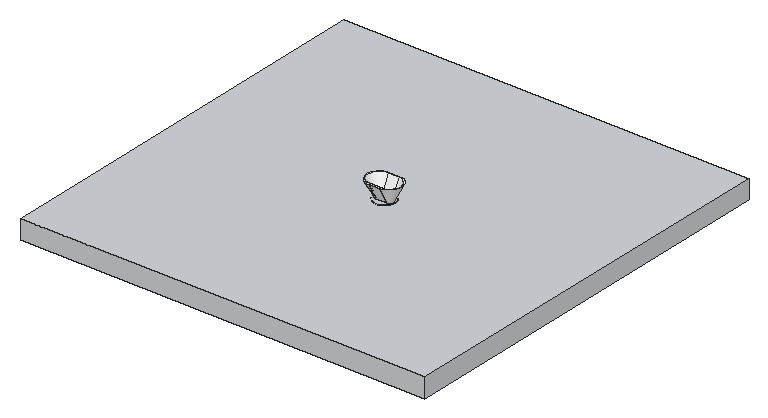
Revit family
Parameters (values of type "5"")
  WFU = 0
  URL = "WWW.MIFAB.COM"
  Strainer Diameter = 5.00"
  Strainer Adjustment [instance] = 2.40"
  Pipe Radius = Pipe Diameter / 2  # 2.50"
  Pipe Diameter = 5.00"
  Model = "F1100-C-EG"
  Manufacturer = "MIFAB"
  Floor Drain Material = Paint - Sherwin Williams Paint - #952C2A - Bellwood Red
  Domestic Cold Water Diameter = Chilled Water Radius * 2  # 0.50"
  Description = "FLOOR DRAIN WITH ROUND STRAINER AND 4\"x 9\" ELONGATED FUNNEL"
  Default Elevation = 0.00"
  Chilled Water Radius = 0.25"
  CWFU = 0
  Body Height = 3.38"
Types (6): name | Pipe Radius | Pipe Diameter | Body Height
  (no name) | 2.50" | 5.00" | 3.38"
  2" | 1.00" | 2.00" | 3.38"
  3" | 1.50" | 3.00" | 3.38"
  4" | 2.00" | 4.00" | 3.38"
  5" | 2.50" | 5.00" | 3.38"
  6" | 3.00" | 6.00" | 4.75"
Reference planes (in)
  plane 1 "Center (Front/Back)": y = 0
  plane 2: z = 0
  plane 3 "Center (Left/Right)": x = 0
  plane 4: y = 0.85
  plane 5: y = -0.85
  plane 6: x = -2.1
  plane 7: x = 2.1
  plane 8: z = 3.85
  plane 9: z = 3.85
  plane 10: x = -4
  plane 11: x = 4
  plane 12: x = -2.5
  plane 13: x = 2.5
  plane 14: z = -2.4
  plane 15: z = -5.78
  plane 16: z = -4.09
  plane 17: z = -3.51276
  plane 18: x = -3.84672
  plane 19: x = 2.5
  plane 20: x = -2.5
  plane 21: x = -2.5
  plane 22: x = 2.5
Forms (in)
  Extrusion 1, solid
    sketch origin (0, 0, 0) x (1, 0, 0) y (0, 1, 0)
      loop
        line (-48, 48) -> (-48, -48) -> (48, -48) -> (48, 48) -> (-48, 48)
    from 0 to -4.55215
  Sweep 2, solid, material "Paint - Sherwin Williams Paint - #952C2A - Bellwood Red" <- "Floor Drain Material"
    path origin (0, 0, 0) x (1, 0, 0) y (0, 1, 0)
      loop
        arc (-1.19375, 0.85) -> (-2.04375, 0) -> (-1.19375, -0.85) r 0.85
        line (-1.19375, -0.85) -> (1.225, -0.85)
        arc (1.225, -0.85) -> (2.075, 0) -> (1.225, 0.85) r 0.85
        line (1.225, 0.85) -> (-1.19375, 0.85)
    profile origin (-2.04375, 0, 0) x (-1, 0, 0) y (0, 0, 1)
      loop
        line (2.05625, 3.85) -> (1.80625, 3.85) -> (-0.19375, 0) -> (0.05625, 0) -> (2.05625, 3.85)
  Revolve 3, solid, material "Paint - Sherwin Williams Paint - #952C2A - Bellwood Red" <- "Floor Drain Material"
    sketch origin (0, 0, 0) x (1, 0, 0) y (0, 0, 1)
      loop
        line (2.5, -5.78) -> (2.64636, -5.78) -> (2.64636, -4.55215) -> (3.24409, -4.168) -> (3.24409, -2.65) -> (4, -2.65) -> (4, -2.15) -> (0, -2.15) -> (0, -2.4) -> (3.09409, -2.4) -> (3.09409, -4.08609) -> (2.5, -4.4679) -> (2.5, -5.78)
      axis (0, -2.15) -> (0, -5.78)
    angle from 0 to 360
  Revolve 4, solid, material "Paint - Sherwin Williams Paint - #952C2A - Bellwood Red" <- "Floor Drain Material"
    sketch origin (0, 0, 0) x (1, 0, 0) y (0, 0, 1)
      loop
        line (1.84029, -2.15) -> (2, -2.15) -> (2, -0.15) -> (2.5, -0.15) -> (2.5, 0) -> (0, 0) -> (0, -0.15) -> (1.84029, -0.15) -> (1.84029, -2.15)
      axis (0, 0) -> (0, -2.15)
    angle from 0 to 360
  Extrusion 5, solid, material "Paint - Sherwin Williams Paint - #952C2A - Bellwood Red" <- "Floor Drain Material"
    sketch origin (0, 0, 0) x (0, 1, 0) y (0, 0, 1)
      loop
        circle (0, -3.51276) r 0.25
    from -3.84672 to -2.5
Cuts and joins
  joined: Revolve 3, Extrusion 5
Lines and regions (in)
  symbolic lines
    curve 1: circle (0, 0, 0) r 4 normal (0, 0, 1)
    curve 2: circle (0, 0, 0) r 0.87986 normal (0, 0, 1)
Dimensions and locks (in)
  equal spacing: plane 6, plane 3 "Center (Left/Right)", plane 7
  plane 6 to plane 7 = 4.20"
  equal spacing: plane 4, plane 1 "Center (Front/Back)", plane 5
  plane 4 to plane 5 = 1.70"
  plane 8 to Extrusion 1 = 3.85"
  plane 9 to Extrusion 1 = 3.85"
  Sweep 2 to Extrusion 1 = 3.85"
  equal spacing: plane 11, plane 3 "Center (Left/Right)", plane 10
  locked: plane 11 to plane 10 at 8
  equal spacing: plane 12, plane 3 "Center (Left/Right)", plane 13
  "Pipe Diameter": plane 13 to plane 12
  "Strainer Adjustment": Extrusion 1 to plane 14
  "Body Height": plane 14 to plane 15
  equal spacing: plane 14, plane 16, plane 15
  Revolve 3 sketch curve to Revolve 3 sketch curve = 0.14636"
  Revolve 3 sketch curve to Revolve 3 sketch curve = 0.15"
  Revolve 3 sketch curve to plane 14 to Revolve 3 sketch curve = 0.25", 0.25"
  Revolve 3 sketch curve to Revolve 3 sketch curve = 0.44773"
  Revolve 4 sketch curve to Revolve 4 sketch curve = 0.15"
  locked: plane 12 to plane 18 at 1.34672
  "Strainer Diameter": plane 19 to plane 20
  equal spacing: plane 19, plane 3 "Center (Left/Right)", plane 20
  Revolve 4 sketch curve to plane 19 = 0.50"
  Revolve 4 sketch curve to Revolve 4 sketch curve = 0.15971"
  equal spacing: plane 22, plane 3 "Center (Left/Right)", plane 21
  "Chilled Water Radius": radius of Extrusion 5 sketch curve
  angle Revolve 3 sketch curve to Revolve 3 sketch curve = 122.728°  (x2)
  aligned and locked: plane 2 to Extrusion 1
  aligned and locked: level to Extrusion 1
  aligned and locked: Sweep 2 sketch curve to plane 4
  aligned and locked: Sweep 2 sketch curve to plane 5
  aligned and locked: Sweep 2 to Extrusion 1
  aligned and locked: Revolve 3 sketch curve to plane 11
  aligned and locked: Revolve 3 sketch curve to plane 13
  aligned and locked: Revolve 4 sketch curve to Revolve 3
  aligned and locked: plane 17 to Extrusion 5 sketch curve
  aligned and locked: plane 1 "Center (Front/Back)" to Extrusion 5 sketch curve
  aligned and locked: plane 12 to Extrusion 5
  aligned: Extrusion 5 to plane 10
  aligned and locked: Extrusion 5 to plane 18
  aligned and locked: plane 19 to Revolve 4 sketch curve
Automatic sketch dimensions
  Extrusion 1 sketch curve to Extrusion 1 sketch curve = 96.00"  (x2)
  plane 6 to Sweep 2 sketch curve = 0.90625"
  plane 7 to Sweep 2 sketch curve = 0.875"
  Sweep 2 sketch curve to level = 0.00"
  Sweep 2 sketch curve to plane 8 = 0.00"
  profile plane to Sweep 2 sketch curve = 0.19375"
  Sweep 2 sketch curve to profile plane = 0.05625"
  Sweep 2 sketch curve to profile plane = 1.80625"
  Sweep 2 sketch curve to Sweep 2 sketch curve = 0.25"
  Revolve 3 sketch curve to plane 3 "Center (Left/Right)" = 0.00"  (x2)
  Revolve 3 sketch curve to plane 15 = 0.00"
  Revolve 3 sketch curve to plane 14 = 0.00"
  Revolve 3 sketch curve to plane 16 = 0.078"
  Revolve 3 sketch curve to Revolve 3 sketch curve = 0.15"
  Revolve 3 sketch curve to plane 15 = 18.95912"
  level to Revolve 3 sketch curve = 102.71882"
  Revolve 4 sketch curve to plane 3 "Center (Left/Right)" = 0.00"  (x2)
  Revolve 4 sketch curve to level = 0.00"
  Revolve 4 sketch curve to plane 15 = 18.95912"
  Revolve 4 sketch curve to Revolve 4 sketch curve = 0.15"
  level to Revolve 4 sketch curve = 102.71882"
  curve 1 to curve 2 = 0.00"  (x2)
  plane 1 "Center (Front/Back)" to curve 2 = 0.00"
  curve 2 to plane 3 "Center (Left/Right)" = 0.00"
  radius of curve 1 = 4.00"
  radius of curve 2 = 0.87986"
Connectors (in)
  piping at (0, 0, -5.78), driven by "Pipe Radius", driven by "WFU"
    settings: on Revolve 3, index 1, connector radius 2 1/2", flow factor 0, pipe flow 0 GPM, pressure drop 0.00 psi, fitting loss kfactor 0, connector angle 0.00°, fixture units 0, flow configuration 3, flow direction 2, fitting loss method 0, system type 16, connector reference index -1, connector utility 0, adjustable connector no, is connector primary yes, fitting loss table "", connector description "Sanitary Out"
  piping at (-3.84672, 0, -3.51276), driven by "CWFU", driven by "Chilled Water Radius"
    settings: on cut or joined group of Revolve 3, Extrusion 5, index 2, connector radius 1/4", flow factor 0, pipe flow 0 GPM, pressure drop 0.00 psi, fitting loss kfactor 0, connector angle 0.00°, fixture units 0, flow configuration 3, flow direction 1, fitting loss method 0, system type 20, connector reference index -1, connector utility 0, adjustable connector no, is connector primary no, fitting loss table "", connector description "Domestic Cold Water In"
